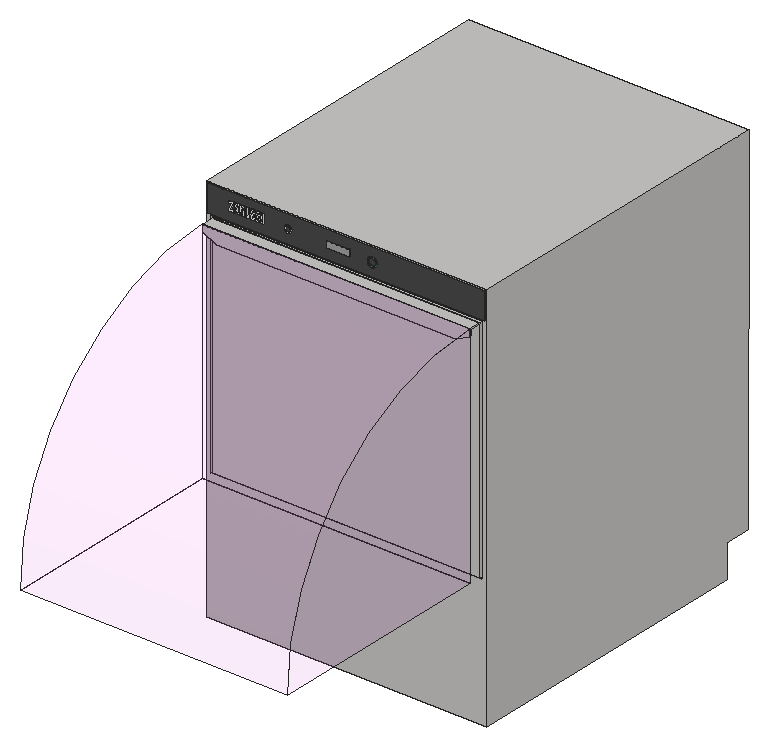
Revit family "QF_ZANUSSI_402316_ZXLIWIG", category Attrezzature speciali, Revit 2020
Family settings
  Quota connettore circolare = Usa diametro
  Tipo di parte = Normale
  Basato su piano di lavoro = No
  Sempre verticale = Sì
  Taglio con vuoti quando caricato = No
  Condiviso = Sì
  Punto di calcolo locali = No
Parameters (values of type "Standard")
  Weight = 168.654 lbm
  Watts = 6650 W
  Volts = 380 V
  URL Manufacturer = "http://www.zanussiprofessional.com"
  URL = "http://www.zanussiprofessional.com"
  Steam Supply Size = 0"
  Steam Supply Minimum Pressure = 0.00 psi
  Steam Supply Maximum Pressure = 0.00 psi
  Steam Consumption per Hour = 0
  Show Logo [instance] = yes
  Show Clearance [instance] = yes
  Refrigeration Suction Line Size = 0 mm
  Refrigeration Liquid Line Size = 0 mm
  Refrigerant Compressor Remote = yes
  Prospetto di default = 0 mm
  Produttore = "Zanussi"
  Phase = 3
  Modello = "ZXLIWIG"
  Length Actual = 600 mm  # constant formula
  Item Number = "402316"
  Hot Water Size = 3/4"
  Height Actual = 850 mm  # constant formula
  HP = "8.9 HP"
  Gas Size = 0"
  Gas KW = 0
  Gas Input Pressure = 0.0 Btu/h
  Direct Waste Size = 1.14173"
  Descrizione = "UNDERCOUNTER(XL) DOUBLE SKIN, 600X400, WATER SOFTENER, DRAIN PUMP, DETERGENT DISPENSER, 360T/H"
  Depth Actual = 703 mm  # constant formula
  Cycle = 50 Hz
  Condensate Return Size = 0"
  Compressed Air Volume = 0 GPM
  Compressed Air Size = 0"
  Compressed Air Pressure = 0.00 psi
  Cold Water Size = 3/4"
  Accessory = yes
Reference planes
  plane 1 "BACK": y = 0
  plane 2: z = 0
  plane 3 "LEFT": x = 0
  plane 4 "RIGHT": x = 600
  plane 5 "FRONT": y = -703
  plane 6 "TOP": z = 850
  plane 7: z = 80
  plane 8: z = 818.5
Forms (mm)
  Extrusion 1, solid, material "QF_Finishes_Stainless Steel"
    sketch origin (626.404, -56, 162.714) x (1, 0, 0) y (0, 0, 1)
      loop
        line (-392.404, -132.714) -> (-392.404, -152.714) -> (-372.404, -152.714) -> (-372.404, -132.714) -> (-392.404, -132.714)
    from 0 to 2
  Extrusion 2, solid, material "QF_Finishes_Stainless Steel"
    sketch origin (517.814, -53, 209.692) x (1, 0, 0) y (0, 0, 1)
      loop
        circle (-372.814, -140.692) r 8
    from 0 to 5
  Extrusion 3, solid, material "QF_Finishes_Stainless Steel"
    sketch origin (0, 0, 0) x (0, 1, 0) y (0, 0, 1)
      loop
        line (0, 850) -> (-703, 850) -> (-703, 10) -> (-58, 10) -> (-58, 80) -> (0, 80) -> (0, 850)
    from 0 to 600
  Extrusion 4, void
    sketch origin (0, 0, 0) x (0, 1, 0) y (0, 0, 1)
      loop
        line (-673, 787) -> (-703, 787) -> (-703, 290) -> (-673, 290) -> (-673, 787)
    from 7.744 to 591.897
  Extrusion 5, solid, material "QF_Finishes_Stainless Steel"
    sketch origin (0, 0, 0) x (0, 1, 0) y (0, 0, 1)
      loop
        line (-678, 782) -> (-703, 782) -> (-703, 292) -> (-678, 292) -> (-678, 782)
    from 12.721 to 586.909
  Extrusion 6, solid, material "QF_Finishes_Black"
    sketch origin (0, 0, 0) x (0, 1, 0) y (0, 0, 1)
      loop
        line (-703, 790) -> (-703, 847) -> (-703.8, 847) -> (-703.8, 790) -> (-703, 790)
    from 3.223 to 597.012
  Revolve 7, solid, material "QF_Finishes_Door Clearance", visible <- "Show Clearance"
    sketch origin (-5.479, -730, 0) x (1, 0, 0) y (0, 0, 1)
      loop
        line (18.265, 782) -> (18.265, 292) -> (592.547, 292) -> (592.547, 782) -> (18.265, 782)
      axis (592.547, 292) -> (18.265, 292)
    angle from 0 to -90
  Extrusion 8, solid, material "QF_Finishes_Stainless Steel"
    sketch origin (717.814, -53, 209.692) x (1, 0, 0) y (0, 0, 1)
      loop
        circle (-372.814, -140.692) r 8
    from 0 to 5
  Extrusion 9, solid, material "QF_Finishes_White"
    sketch origin (340.42, 40.329, 905.129) x (0, 0, 1) y (-1, 0, 0)
      loop
        circle (-86.629, 165.416) r 6.968
      loop
        circle (-86.629, 165.416) r 5.984
    from 744.129 to 744.929
  Extrusion 10, solid, material "QF_Finishes_Green"
    sketch origin (2.852, -702.527, 759.164) x (0, 0, 1) y (-1, 0, 0)
      loop
        circle (59.336, -352.917) r 10
      loop
        circle (59.336, -352.917) r 8
    from 1.273 to 2.073
  Extrusion 11, solid, material "QF_Finishes_Gray"
    sketch origin (547.744, -700.664, 903) x (0, 0, 1) y (-1, 0, 0)
      loop
        line (-77, 290) -> (-92, 290) -> (-92, 240) -> (-77, 240) -> (-77, 290)
    from 3.136 to 3.936
Cuts and joins
  Extrusion 4 cuts Extrusion 3
Dimensions and locks
  plane 1 "BACK" to plane 5 "FRONT" = 703 mm
  plane 4 "RIGHT" to plane 3 "LEFT" = 600 mm
  plane 6 "TOP" to level = 850 mm
  plane 3 "LEFT" to plane 4 "RIGHT" = 600 mm
  plane 5 "FRONT" to plane 1 "BACK" = 703 mm
  plane 6 "TOP" to plane 2 = 850 mm
  plane 7 to plane 2 = 80 mm
  cut or joined group of Extrusion 3, Extrusion 4 to Revolve 7 = 1220 mm
  aligned and locked: level to plane 2
Nested families
  nested 1: "Piedino 10x12.5 mm - DISHWASHING" at (566.5, -669.5, 0), type "Piedino 10x12.5 mm - DISHWASHING"
  nested 2: "Piedino 10x12.5 mm - DISHWASHING" at (33.5, -669.5, 0) x (-1, 0, 0) z (0, 0, 1), type "Piedino 10x12.5 mm - DISHWASHING"
  nested 3: "Piedino 10x12.5 mm - DISHWASHING" at (566.5, -91.5, 0), type "Piedino 10x12.5 mm - DISHWASHING"
  nested 4: "Piedino 10x12.5 mm - DISHWASHING" at (33.5, -91.5, 0) x (-1, 0, 0) z (0, 0, 1), type "Piedino 10x12.5 mm - DISHWASHING"
  nested 5: "ZANUSSI_Logo - WHITE" at (89.92, -703.8, 869) x (1, 0, 0) z (0, -1, 0), visible <- "Show Logo", Show Logo <- "Show Logo", type "ZANUSSI_Logo - WHITE"
    with Show Logo yes
  nested 6: "MANIGLIA_SLIM_ZANUSSI_DISHWASHING_574" at (299.927, -703, 782) x (1, 0, 0) z (0, -1, 0), type "MANIGLIA_SLIM_ZANUSSI_DISHWASHING_574"
Connectors
  electrical at (244, -56, 20)
    settings: on Extrusion 1, index 3, voltage 0 V, apparent load 0 VA, apparent load phase1 0 VA, apparent load phase2 0 VA, apparent load phase3 0 VA, power factor 1, load classification "Altro", number of poles 1, system type 30, power factor state 1, is connector primary yes, connector utility no, sub classification motor no, connector description "EI"
  piping at (145, -53, 69), diameter 12.7
    settings: on Extrusion 2, index 4, connector inside diameter 24", connector length 0 mm, flow factor 0, pipe flow 0 GPM, pressure drop 0.00 psi, fitting loss kfactor 0, connector angle 0.00°, fixture units 0, engagement length 0 mm, angle of deflection 0.00°, flow configuration 0, flow direction 0, fitting loss method 0, system type 29, joint type 0, gender type 0, connector reference index -1, connector utility 0, adjustable connector no, is connector primary yes, connector description "WI"
  piping at (345, -53, 69), diameter 12.7
    settings: on Extrusion 8, index 5, connector inside diameter 24", connector length 0 mm, flow factor 0, pipe flow 0 GPM, pressure drop 0.00 psi, fitting loss kfactor 0, connector angle 0.00°, fixture units 0, engagement length 0 mm, angle of deflection 0.00°, flow configuration 0, flow direction 0, fitting loss method 0, system type 29, joint type 0, gender type 0, connector reference index -1, connector utility 0, adjustable connector no, is connector primary no, connector description "D"
Definition of nested family "Piedino 10x12.5 mm - DISHWASHING"
  Parameters (values of type "Piedino 10x12.5 mm - DISHWASHING")
    Default Elevation = 0 mm
    P = 930 mm
    L = 400 mm
    H = 290 mm
  Reference planes
    plane 1: y = 0
    plane 2: z = 0
    plane 3: x = 0
    plane 4: z = 290
    plane 5: z = 24
    plane 6: z = 55
  Forms (mm)
    Extrusion 1, solid
      sketch origin (-373.847, 979.72, 0) x (1, 0, 0) y (0, 1, 0)
        loop
          circle (373.847, -979.72) r 12.5
      from 0 to 10
  Dimensions and locks
    "H": plane 4 to level
    plane 4 to plane 5 to level = 266 mm, 24 mm
    level to plane 6 = 55 mm
    aligned and locked: level to plane 2
  Automatic sketch dimensions
    plane 3 to Extrusion 1 sketch curve = 0 mm
    plane 1 to Extrusion 1 sketch curve = 0 mm
    radius of Extrusion 1 sketch curve = 12.5 mm
Definition of nested family "ZANUSSI_Logo - WHITE"
  Parameters (values of type "ZANUSSI_Logo - WHITE")
    Show Logo [instance] = yes
    Default Elevation = 1219.2 mm
  Reference planes
    plane 1 "Center (Front/Back)": y = -49
    plane 2: z = 0
    plane 3 "Center (Left/Right)": x = -9.92
  Forms (mm)
    Extrusion 1, solid
      sketch origin (0, 0, 0) x (1, 0, 0) y (0, 1, 0)
        loop
          line (-1219.2, 1219.2) -> (-1219.2, -1219.2) -> (1219.2, -1219.2) -> (1219.2, 1219.2) -> (-1219.2, 1219.2)
      from 0 to -304.8
    Extrusion 2, solid, visible <- "Show Logo"
      sketch origin (106.353, -215.165, -50) x (1, 0, 0) y (0, 1, 0)
        loop
          line (-137.419, 156.48) -> (-137.419, 160.444) -> (-143.365, 160.444) -> (-137.419, 172.566) -> (-137.419, 175.851) -> (-147.274, 175.851) -> (-147.274, 172.226) -> (-142.063, 172.339) -> (-147.728, 160.444) -> (-147.728, 156.48) -> (-137.419, 156.48)
        loop
          line (-131.729, 163.73) -> (-129.463, 163.73) -> (-130.596, 172.54) -> (-131.729, 163.73)
        loop
          line (-132.748, 156.48) -> (-132.182, 160.218) -> (-128.897, 160.218) -> (-128.33, 156.48) -> (-124.252, 156.48) -> (-127.877, 175.851) -> (-133.315, 175.851) -> (-136.826, 156.48) -> (-132.748, 156.48)
        loop
          line (-123.75, 175.851) -> (-123.75, 156.48) -> (-120.238, 156.48) -> (-120.238, 169.281) -> (-116.953, 156.48) -> (-112.648, 156.48) -> (-112.648, 175.851) -> (-116.273, 175.851) -> (-116.273, 163.503) -> (-119.558, 175.851) -> (-123.75, 175.851)
        loop
          arc (-111.742, 161.27) -> (-106.896, 156.448) -> (-101.433, 160.558) r 5.22
          line (-101.433, 160.558) -> (-101.433, 175.851) -> (-105.398, 175.851) -> (-105.398, 161.464)
          arc (-105.398, 161.464) -> (-106.44, 160.263) -> (-107.777, 161.124) r 1.214
          line (-107.777, 161.124) -> (-107.777, 175.851) -> (-111.742, 175.851) -> (-111.742, 161.27)
        loop
          line (-94.069, 169.734) -> (-90.331, 169.734) -> (-90.269, 171.495)
          arc (-90.269, 171.495) -> (-90.53, 173.458) -> (-91.761, 175.009) r 3.719
          arc (-91.761, 175.009) -> (-95.38, 176.189) -> (-98.998, 175.009) r 6.139
          arc (-98.998, 175.009) -> (-100.474, 172.145) -> (-100.291, 168.927) r 6.125
          arc (-100.291, 168.927) -> (-99.079, 167.149) -> (-97.591, 165.594) r 13.068
          line (-97.591, 165.594) -> (-95.921, 164.113)
          arc (-95.921, 164.113) -> (-94.934, 163.275) -> (-94.167, 162.233) r 5.571
          arc (-94.167, 162.233) -> (-94.357, 160.41) -> (-96.143, 160.003) r 1.573
          arc (-96.143, 160.003) -> (-96.681, 160.547) -> (-96.911, 161.277) r 1.631
          arc (-96.911, 161.277) -> (-96.929, 161.791) -> (-96.911, 162.305) r 7.441
          arc (-96.911, 162.305) -> (-96.895, 162.791) -> (-96.911, 163.277) r 7.03
          line (-96.911, 163.277) -> (-100.866, 163.277)
          arc (-100.866, 163.277) -> (-100.828, 160.504) -> (-99.735, 157.955) r 7.131
          arc (-99.735, 157.955) -> (-94.571, 156.484) -> (-90.221, 159.633) r 6.148
          arc (-90.221, 159.633) -> (-90.141, 162.884) -> (-91.536, 165.823) r 7.021
          line (-91.536, 165.823) -> (-95.882, 169.734)
          arc (-95.882, 169.734) -> (-96.47, 170.472) -> (-96.785, 171.362) r 2.858
          arc (-96.785, 171.362) -> (-95.666, 172.959) -> (-94.069, 171.84) r 1.379
          line (-94.069, 171.84) -> (-94.069, 169.734)
        loop
          line (-82.771, 169.734) -> (-79.033, 169.734) -> (-78.971, 171.495)
          arc (-78.971, 171.495) -> (-79.232, 173.458) -> (-80.463, 175.009) r 3.719
          arc (-80.463, 175.009) -> (-84.081, 176.189) -> (-87.7, 175.009) r 6.139
          arc (-87.7, 175.009) -> (-89.175, 172.145) -> (-88.993, 168.927) r 6.125
          arc (-88.993, 168.927) -> (-87.781, 167.149) -> (-86.293, 165.594) r 13.068
          line (-86.293, 165.594) -> (-84.623, 164.113)
          arc (-84.623, 164.113) -> (-83.636, 163.275) -> (-82.869, 162.233) r 5.571
          arc (-82.869, 162.233) -> (-83.059, 160.41) -> (-84.845, 160.003) r 1.573
          arc (-84.845, 160.003) -> (-85.383, 160.547) -> (-85.613, 161.277) r 1.631
          arc (-85.613, 161.277) -> (-85.631, 161.791) -> (-85.613, 162.305) r 7.441
          arc (-85.613, 162.305) -> (-85.596, 162.791) -> (-85.613, 163.277) r 7.03
          line (-85.613, 163.277) -> (-89.568, 163.277)
          arc (-89.568, 163.277) -> (-89.53, 160.504) -> (-88.437, 157.955) r 7.131
          arc (-88.437, 157.955) -> (-83.272, 156.484) -> (-78.922, 159.633) r 6.148
          arc (-78.922, 159.633) -> (-78.843, 162.884) -> (-80.238, 165.823) r 7.021
          line (-80.238, 165.823) -> (-84.584, 169.734)
          arc (-84.584, 169.734) -> (-85.171, 170.472) -> (-85.486, 171.362) r 2.858
          arc (-85.486, 171.362) -> (-84.368, 172.959) -> (-82.771, 171.84) r 1.379
          line (-82.771, 171.84) -> (-82.771, 169.734)
        loop
          line (-78.21, 175.851) -> (-78.21, 156.48) -> (-74.245, 156.48) -> (-74.245, 175.851) -> (-78.21, 175.851)
      from 50 to 51.6
  Dimensions and locks
    aligned and locked: plane 2 to Extrusion 1
    aligned and locked: level to Extrusion 1
Definition of nested family "MANIGLIA_SLIM_ZANUSSI_DISHWASHING_574"
  Parameters (values of type "MANIGLIA_SLIM_ZANUSSI_DISHWASHING_574")
    Default Elevation = 1219.2 mm
  Reference planes
    plane 1 "Centro (Fronte/Retro)": y = 0
    plane 2: z = 0
    plane 3 "Centro (Sinistra/Destra)": x = 0
    plane 4: x = -287
    plane 5: x = 287
  Forms (mm)
    Extrusion 1, solid
      sketch origin (0, 0, 0) x (1, 0, 0) y (0, 1, 0)
        loop
          line (-1219.2, 1219.2) -> (-1219.2, -1219.2) -> (1219.2, -1219.2) -> (1219.2, 1219.2) -> (-1219.2, 1219.2)
      from 0 to -304.8
    Extrusion 2, solid
      sketch origin (-156.201, -615, 375.702) x (0, 0, -1) y (0, -1, 0)
        loop
          line (375.702, -615) -> (375.702, -612.514) -> (350.702, -612.514) -> (350.702, -586.25) -> (348.202, -586.25) -> (348.202, -615) -> (375.702, -615)
      from 130.799 to -443.201
    Extrusion 3, void
      sketch origin (-297.203, -619.304, -550) x (1, 0, 0) y (0, 1, 0)
        loop
          line (584.203, 590.554) -> (584.203, 604.929) -> (554.203, 590.554) -> (584.203, 590.554)
        loop
          line (10.203, 590.554) -> (40.203, 590.554) -> (10.203, 604.929) -> (10.203, 590.554)
      from 575 to 577.5
  Cuts and joins
    Extrusion 3 cuts Extrusion 2
  Dimensions and locks
    plane 4 to plane 5 = 574 mm
    aligned and locked: plane 2 to Extrusion 1
    aligned and locked: level to Extrusion 1
